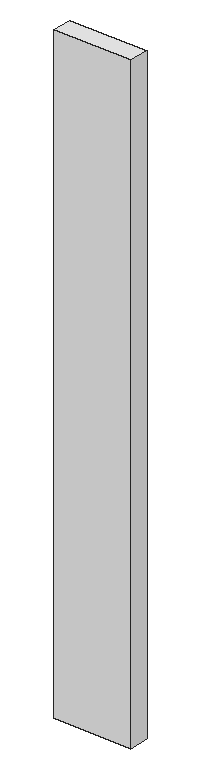
Revit family "M_Armário superior-Puxador para mantimentos-Parede", category Componentes de gabinete, Revit 2019
Family settings
  Hospedeiro = Parede
  Número OmniClass = 23.40.35.17.47.11
  Título OmniClass = Kitchen Casework
  ID de item do Seek = Upper Cabinet-Filler-Wall-0000-CAN-ENU
  Sempre na vertical = Sim
  Corte com vazios quando carregada = Não
  Compartilhado = Não
  Ponto de cálculo do ambiente = Não
Parameters (values of type "75mm")
  Material do armário = none
  Linear = 300 mm
  Altura = 600 mm
  Topo do armário = 2000 mm
  Largura = 75 mm
Reference planes
  plane 1: y = 0
  plane 2 "Centro": x = 29.771
  plane 3 "Direita": x = 67.271
  plane 4 "Esquerda": x = -7.729
  plane 5: z = 1400
  plane 6: z = 2000
  plane 7 "Parte frontal": y = 376.2
  plane 8: y = 76.2
Forms (mm)
  Sweep 1, solid, material <- "Material do armário"
    path origin (0, 0, 0) x (1, 0, 0) y (0, 1, 0)
      loop
        line (-7.729, 376.2) -> (67.271, 376.2)
    profile origin (29.771, 0, 0) x (0, 1, 0) y (0, 0, 1)
      loop
        line (376.2, 2000) -> (357.15, 2000) -> (357.15, 1400) -> (376.2, 1400) -> (376.2, 2000)
Lines and regions (mm)
  symbolic lines, style "Rep. da planta - Acima"
    curve 1: line (-7.729, 76.2, 0) -> (67.271, 76.2, 0)
    curve 2: line (-7.729, 376.2, 0) -> (-7.729, 76.2, 0)
    curve 3: line (67.271, 376.2, 0) -> (-7.729, 376.2, 0)
    curve 4: line (67.271, 76.2, 0) -> (67.271, 376.2, 0)
Text (mm)
  text "Lado da colocação" at (0, 1019.848, 3124.603), in view "Direita"
  text "Lado da colocação" at (-1487.085, 881.672, 0), in view "Linha do piso"
  text "Lado da colocação" at (0, 1521.594, 3034.073), in view "Esquerda"
Dimensions and locks
  equal spacing: plane 4 "Esquerda", plane 2 "Centro", plane 3 "Direita"
  "Largura": plane 4 "Esquerda" to plane 3 "Direita"
  "Altura": plane 5 to plane 6
  "Linear": plane 8 to plane 7 "Parte frontal"
  "Topo do armário": level to plane 6
  aligned and locked: plane 8 to host wall
  aligned and locked: Sweep 1 sketch curve to curve 2
  aligned and locked: plane 5 to Sweep 1 sketch curve
  aligned and locked: Sweep 1 sketch curve to plane 6
  aligned and locked: plane 7 "Parte frontal" to Sweep 1 sketch curve
Automatic sketch dimensions
  curve 3 to plane 4 "Esquerda" = 0 mm
  curve 3 to plane 3 "Direita" = 0 mm
  curve 1 to host wall = 0 mm
  curve 3 to plane 7 "Parte frontal" = 0 mm
  profile plane to Sweep 1 sketch curve = 19.05 mm
  Sweep 1 sketch curve to plane 3 "Direita" = 0 mm
  Sweep 1 sketch curve to plane 7 "Parte frontal" = 0 mm
